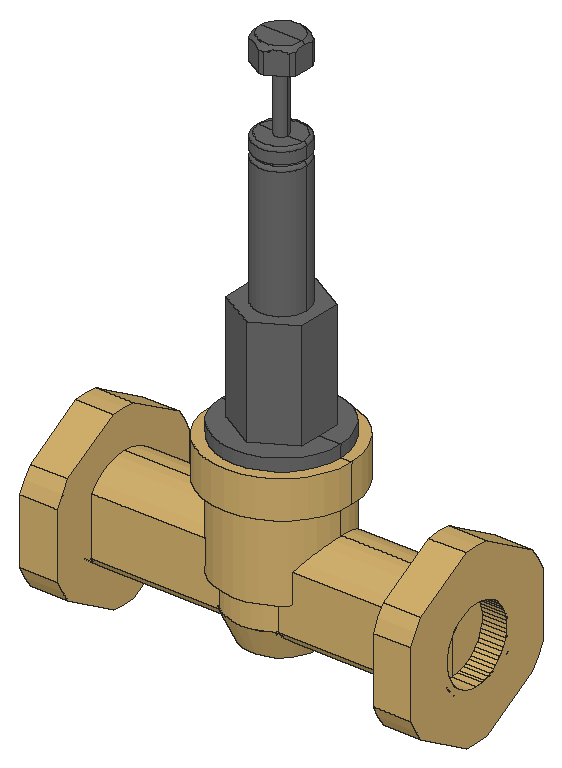
Revit family "Pressure_Reducing_Valves-Acorn-Controls-RV03B0-X_Series", category Pipe Accessories, Revit 2019
Family settings
  Round Connector Dimension = Use Diameter
  Part Type = Valve - Breaks Into
  OmniClass Number = 23.65.55.14.17
  OmniClass Title = Adjusting/Controlling Valves for Liquid Services
  Work Plane-Based = No
  Always vertical = Yes
  Cut with Voids When Loaded = No
  Shared = No
Parameters (values of type "RV03B0-2")
  cUPC Compliant = yes
  Valve Size 6 = no
  Valve Size 5 = no
  Valve Size 4 = no
  Valve Size 3 = no
  Valve Size 2 = yes
  Valve Size = if(Valve Size 2, 3/4", if(Valve Size 3, 1", if(Valve Size 4, 1 1/4", if(Valve Size 5, 1 1/2", 2"))))  # 3/4"
  URL = "https://www.acorneng.com/acorn-controls-tempering-valves"
  Temperature Rating = "180°F (82.2°C)"  # constant formula
  SH Steel HP - High Pressure Spring = no
  S0 Steel = no
  Revised Date = "02/04/2025"  # constant formula
  Product Page URL = "https://www.mgicontrols.com/rv03-pressure-reducing-valves"
  Product Documentation Link = "https://www.mgicontrols.com/uploads/fileLibrary/RV03%20PRV.pdf"
  Pressure Rating = "400 PSI (2758 kPa)"  # constant formula
  Pressure Gauge T Adapter with 1/4” Plug (No Gauge) = no
  Pressure Gauge 0 No Gauge Adapter = not(or([Pressure Gauge G Adapter With 0-200 psi Gauge], [Pressure Gauge T Adapter with 1/4” Plug (No Gauge)]))  # yes
  Pressure Gauge G Adapter With 0-200 psi Gauge = no
  PH Plastic HP - High Pressure Spring = no
  P0 Plastic = no
  Model = "RV03B0-2"
  Manufacturer = "Acorn"
  Installation Instruction Link = "https://www.mgicontrols.com/uploads/fileLibrary/7802-240-001%20RV03.pdf"
  IAPMO Compliance = "Comply with the national lead-free law, ASSE 1003 & NSF-61."  # constant formula
  Factory Preset = "50±5 PSI (345kPa)"  # constant formula
  E Dimension = if(Valve Size 2, 4 3/4", if(Valve Size 3, 5 1/2", if(Valve Size 4, 8 1/8", if(Valve Size 5, 8 1/8", 8 1/8"))))  # 4 3/4"
  Description = "Pressure Reducing Valves"  # constant formula
  D Dimension = if(Valve Size 2, 1 5/8", if(Valve Size 3, 1 7/8", if(Valve Size 4, 2 3/8", if(Valve Size 5, 2 7/8", 3 1/2"))))  # 1 5/8"
  D Constraint 2 = D Dimension + 3/4"  # 2 3/8"
  D Constraint = D Dimension + 1" / 8  # 1 3/4"
  Creation Date = "09/08/2022"  # constant formula
  Connection Outlet Description = if(Valve Size 2, "3/4-in Outlet Connection", if(Valve Size 3, "1-in Outlet Connection", if(Valve Size 4, "1 1/4-in Outlet Connection", if(Valve Size 5, "1 1/2-in Outlet Connection", "2-in Outlet Connection"))))  # "3/4-in Outlet Connection"
  Connection Inlet Description = if(Valve Size 2, "3/4-in Inlet Connection", if(Valve Size 3, "1-in Inlet Connection", if(Valve Size 4, "1 1/4-in Inlet Connection", if(Valve Size 5, "1 1/2-in Inlet Connection", "2-in Inlet Connection"))))  # "3/4-in Inlet Connection"
  Bonnet Material = Metal-Acorn-UV Resistant-Brass
  Body Material = Metal-Acorn-Brass
  BH Brass HP - High Pressure Spring = no
  B0 Brass = yes
  B Dimension = if(Adapter A Sweat, 1", if(Adapter B NPTF, 7/8", if([Adapter C PEX-B], 1", if(Adapter D CPVC, 7/8", if(Adapter E Press Fit, 1 1/4", if([Adapter F PEX-A], 1 5/8", 0"))))))  # 0"
  B Constraint = if(Adapter A Sweat, 1", if(Adapter B NPTF, 7/8", if([Adapter C PEX-B], 1", if(Adapter D CPVC, 7/8", if(Adapter E Press Fit, 1 1/4", if([Adapter F PEX-A], 1 5/8", 1/4"))))))  # 1/4"
  Assembly Code = "D2090900"
  Adjustable Pressure Range (Standard) = "10-75 PSI (69-517 kPa)"  # constant formula
  Adjustable Pressure Range (High Pressure) = "30-120 PSI (207-827 kPa)"  # constant formula
  Adapter F PEX-A = no
  Adapter E Press Fit = no
  Adapter D CPVC = no
  Adapter C PEX-B = no
  Adapter B NPTF = no
  Adapter A Sweat = no
  Adapter 0 None = not(or(Adapter A Sweat, Adapter B NPTF, [Adapter C PEX-B], Adapter D CPVC, Adapter E Press Fit, [Adapter F PEX-A]))  # yes
  A Dimension = if(Valve Size 2, 3 3/8", if(Valve Size 3, 3 7/8", if(Valve Size 4, 5", if(Valve Size 5, 5", 5"))))  # 3 3/8"
Types (6): name | Valve Size 6 | Valve Size 5 | Valve Size 4 | Valve Size 3 | Valve Size 2 | Valve Size | Model | E Dimension | D Dimension | D Constraint 2 | D Constraint | Connection Outlet Description | Connection Inlet Description | A Dimension
  (no name) | no | no | no | no | yes | 3/4" | "RV03B0-2" | 4 3/4" | 1 5/8" | 2 3/8" | 1 3/4" | "3/4-in Outlet Connection" | "3/4-in Inlet Connection" | 3 3/8"
  RV03B0-2 | no | no | no | no | yes | 3/4" | "RV03B0-2" | 4 3/4" | 1 5/8" | 2 3/8" | 1 3/4" | "3/4-in Outlet Connection" | "3/4-in Inlet Connection" | 3 3/8"
  RV03B0-3 | no | no | no | yes | no | 1" | "RV03B0-3" | 5 1/2" | 1 7/8" | 2 5/8" | 2" | "1-in Outlet Connection" | "1-in Inlet Connection" | 3 7/8"
  RV03B0-4 | no | no | yes | no | no | 1 1/4" | "RV03B0-4" | 8 1/8" | 2 3/8" | 3 1/8" | 2 1/2" | "1 1/4-in Outlet Connection" | "1 1/4-in Inlet Connection" | 5"
  RV03B0-5 | no | yes | no | no | no | 1 1/2" | "RV03B0-5" | 8 1/8" | 2 7/8" | 3 5/8" | 3" | "1 1/2-in Outlet Connection" | "1 1/2-in Inlet Connection" | 5"
  RV03B0-6 | yes | no | no | no | no | 2" | "RV03B0-6" | 8 1/8" | 3 1/2" | 4 1/4" | 3 5/8" | "2-in Outlet Connection" | "2-in Inlet Connection" | 5"
Reference planes (in)
  plane 1 "Center (Front/Back)": y = 0
  plane 2: z = 0
  plane 3 "Center (Left/Right)": x = 0
  plane 4: y = 0.8125
  plane 5: y = -0.8125
  plane 6: x = 1.6875
  plane 7: x = -1.6875
  plane 8: z = 4.75
  plane 9: z = 0.8125
  plane 10: z = -0.8125
  plane 11: x = -1.9375
  plane 12: z = 0.375
  plane 13: z = -0.375
  plane 14: x = 1.9375
  plane 15 "Screw": z = 4.5
  plane 16: y = -0.375
  plane 17: y = 0.375
  plane 18: z = 3.5625
  plane 19: z = 1.1875
  plane 20: z = 2.375
  plane 21: z = 3.5625
  plane 22: z = 1.1875
  plane 23: z = 2.375
  plane 24: x = -0.375
  plane 25: x = 0.375
  plane 26: x = -0.375
  plane 27: x = 0.375
Forms (in)
  Revolve 1, solid, material "Metal-Acorn-Brass" <- "Body Material"
    sketch origin (0, 0, 0) x (1, 0, 0) y (0, 0, 1)
      loop
        line (-1.6875, 0) -> (1.6875, 0) -> (1.6875, 0.5) -> (-1.6875, 0.5) -> (-1.6875, 0)
      axis (1.6875, 0) -> (-1.6875, 0)
    angle from 0 to 360
  Revolve 2, solid, material "Metal-Acorn-UV Resistant-Brass" <- "Bonnet Material"
    sketch origin (0, 0, 0) x (1, 0, 0) y (0, 0, 1)
      loop
        line (0, 4.75) -> (0, 2.375) -> (0.25, 2.375) -> (0.25, 3.65625)
        arc (0.25, 3.65625) -> (0.24085, 3.67835) -> (0.21875, 3.6875) r 0.03125
        line (0.21875, 3.6875) -> (0.125, 3.6875) -> (0.125, 3.72546) -> (0.25, 3.72546) -> (0.25, 3.83304)
        arc (0.25, 3.83304) -> (0.24085, 3.85514) -> (0.21875, 3.86429) r 0.03125
        line (0.21875, 3.86429) -> (0.06306, 3.86429) -> (0.06306, 4.5) -> (0.25, 4.5) -> (0.25, 4.70293) -> (0.20293, 4.75) -> (0, 4.75)
      loop
        line (0, 1.1875) -> (0.59102, 1.1875) -> (0.59102, 1.3075) -> (0, 1.3075) -> (0, 1.1875)
      axis (0, 1.1875) -> (0, 4.75)
    angle from 0 to 360
  Revolve 3, solid, material "Metal-Acorn-Brass" <- "Body Material", not visible
    sketch origin (0, 0, 0) x (1, 0, 0) y (0, 0, 1)
      loop
        line (-1.9375, 0.1875) -> (-1.9375, 0) -> (-1.5625, 0) -> (-1.5625, 0.1875) -> (-1.9375, 0.1875)
      loop
        line (1.9375, 0.1875) -> (1.5625, 0.1875) -> (1.5625, 0) -> (1.9375, 0) -> (1.9375, 0.1875)
      axis (1.9375, 0) -> (-1.9375, 0)
    angle from 0 to 360
  Revolve 4, solid, material "Metal-Acorn-Brass" <- "Body Material"
    sketch origin (0, 0, 0) x (1, 0, 0) y (0, 0, 1)
      loop
        line (-1.6875, 0.375) -> (-1.6875, 0.4375) -> (-1.9375, 0.4375) -> (-1.9375, 0.375) -> (-1.6875, 0.375)
      axis (-1.6875, 0) -> (-1.9375, 0)
    angle from 0 to 360
  Revolve 5, solid, material "Metal-Acorn-Brass" <- "Body Material"
    sketch origin (0, 0, 0) x (-1, 0, 0) y (0, 0, 1)
      loop
        line (-1.6875, 0.375) -> (-1.6875, 0.4375) -> (-1.9375, 0.4375) -> (-1.9375, 0.375) -> (-1.6875, 0.375)
      axis (-1.6875, 0) -> (-1.9375, 0)
    angle from 0 to 360
  Sweep 6, void
    path origin (0, 0, 0) x (1, 0, 0) y (0, 0, 1)
      loop
        line (0, 4.5) -> (0, 4.75)
    profile origin (0, 0, 4.625) x (-1, 0, 0) y (0, -1, 0)
      loop
        circle (0, 0) r 0.30626
      loop
        line (0, -0.26389) -> (0.22853, -0.13194) -> (0.22853, 0.13194) -> (0, 0.26389) -> (-0.22853, 0.13194) -> (-0.22853, -0.13194) -> (0, -0.26389)
  Extrusion 7, void
    sketch origin (0, 0, 0) x (0, 1, 0) y (0, 0, 1)
      loop
        line (-0.40596, -0.8125) -> (-0.40596, 0.8125) -> (-0.90596, 0.8125) -> (-0.90596, -0.8125) -> (-0.40596, -0.8125)
      loop
        line (0.40625, -0.8125) -> (0.90625, -0.8125) -> (0.90625, 0.8125) -> (0.40625, 0.8125) -> (0.40625, -0.8125)
    from 1.6875 to -1.6875
  Revolve 8, solid, material "Metal-Acorn-Brass" <- "Body Material"
    sketch origin (0, 0, 0) x (1, 0, 0) y (0, 0, 1)
      loop
        line (0.5, -0.29188) -> (0.5, 0) -> (0.59375, 0) -> (0.59375, 0.8125) -> (0.70312, 0.8125) -> (0.70312, 1.1875) -> (0, 1.1875) -> (0, -0.59375) -> (0.35924, -0.59375) -> (0.5, -0.29188)
      axis (0, 1.1875) -> (0, -0.59375)
    angle from 0 to 360
  Sweep 9, solid, material "Metal-Acorn-UV Resistant-Brass" <- "Bonnet Material"
    path origin (0, 0, 0) x (1, 0, 0) y (0, 0, 1)
      loop
        line (0, 1.1875) -> (0, 2.375)
    profile origin (0, 0, 1.78125) x (-1, 0, 0) y (0, -1, 0)
      loop
        line (0.375, 0.21651) -> (0, 0.43301) -> (-0.375, 0.21651) -> (-0.375, -0.21651) -> (0, -0.43301) -> (0.375, -0.21651) -> (0.375, 0.21651)
  Sweep 10, solid, material "Metal-Acorn-Brass" <- "Body Material"
    path origin (0, 0, 0) x (1, 0, 0) y (0, 0, 1)
      loop
        line (1.5625, 0) -> (1.9375, 0)
    profile origin (1.75, 0, 0) x (0, 0, 1) y (0, -1, 0)
      loop
        line (-0.93819, 0) -> (-0.4691, -0.8125) -> (0.4691, -0.8125) -> (0.93819, 0) -> (0.4691, 0.8125) -> (-0.4691, 0.8125) -> (-0.93819, 0)
      loop
        circle (0, 0) r 0.375
  Extrusion 11, void
    sketch origin (0, 0, 0) x (0, 1, 0) y (0, 0, 1)
      loop
        circle (0, 0) r 0.875
      loop
        circle (0, 0) r 1.1875
    from -1.9375 to -1.5625
  Sweep 12, solid, material "Metal-Acorn-Brass" <- "Body Material"
    path origin (0, 0, 0) x (1, 0, 0) y (0, 0, 1)
      loop
        line (-1.5625, 0) -> (-1.9375, 0)
    profile origin (-1.75, 0, 0) x (0, 0, -1) y (0, -1, 0)
      loop
        line (-0.93819, 0) -> (-0.4691, -0.8125) -> (0.4691, -0.8125) -> (0.93819, 0) -> (0.4691, 0.8125) -> (-0.4691, 0.8125) -> (-0.93819, 0)
      loop
        circle (0, 0) r 0.375
  Extrusion 13, void
    sketch origin (0, 0, 0) x (0, 1, 0) y (0, 0, -1)
      loop
        circle (0, 0) r 0.875
      loop
        circle (0, 0) r 1.1875
    from -1.5625 to -2.75
Cuts and joins
  Extrusion 7, Extrusion 11 cuts Revolve 1
  Extrusion 11 cuts Revolve 4
  Extrusion 11, Extrusion 13 cuts Sweep 10
  joined: Revolve 1, Revolve 4, Sweep 10
  Sweep 6, Extrusion 7 cuts Revolve 2
  joined: Revolve 2, Sweep 9
  Extrusion 11 cuts Revolve 8
  Extrusion 11 cuts Sweep 12
  Extrusion 11 cuts Revolve 3
Dimensions and locks (in)
  plane 4 to plane 5 = 1 5/8"
  equal spacing: plane 4, plane 1 "Center (Front/Back)", plane 5
  equal spacing: plane 7, plane 3 "Center (Left/Right)", plane 6
  "A Dimension": plane 7 to plane 6
  equal spacing: plane 5, plane 1 "Center (Front/Back)", plane 4
  "D Dimension": plane 5 to plane 4
  equal spacing: plane 9, level, plane 10
  "D Dimension": plane 9 to plane 10
  "B Constraint": plane 7 to plane 11
  equal spacing: plane 12, level, plane 13
  "Valve Size": plane 12 to plane 13
  "E Dimension": plane 8 to level
  locked: Revolve 1 sketch curve to plane 12 at 0.125
  Revolve 3 sketch curve to plane 7 to Revolve 3 sketch curve = 1/4" locked, 1/8" locked
  Revolve 3 sketch curve to plane 6 to Revolve 3 sketch curve = 1/4" locked, 1/8" locked
  "B Constraint": plane 14 to plane 6
  locked: Revolve 4 sketch curve to Revolve 4 sketch curve at 0.0625
  locked: Revolve 5 sketch curve to Revolve 5 sketch curve at 0.0625
  locked: plane 8 to plane 15 "Screw" at 0.25
  equal spacing: plane 16, plane 1 "Center (Front/Back)", plane 17
  "Valve Size": plane 16 to plane 17
  Extrusion 7 sketch curve to Extrusion 7 sketch curve to plane 16 = 1/2" locked, 0.03096" locked
  Extrusion 7 sketch curve to Extrusion 7 sketch curve to plane 17 = 1/2" locked, 1/32" locked
  equal spacing: plane 8, plane 18, plane 20, plane 19, level
  equal spacing: plane 8, plane 21, plane 23, plane 22, level
  equal spacing: plane 25, plane 3 "Center (Left/Right)", plane 24
  "Valve Size": plane 25 to plane 24
  Revolve 8 sketch curve to Revolve 8 sketch curve to Revolve 8 sketch curve to plane 25 = 7/64" locked, 3/32" locked, 1/8" locked
  equal spacing: plane 13, Revolve 8 sketch curve, plane 10
  locked: Revolve 8 sketch curve to Revolve 8 sketch curve at 0.375
  equal spacing: Sweep 9 sketch curve, plane 3 "Center (Left/Right)", Sweep 9 sketch curve
  "Valve Size": Sweep 9 sketch curve to Sweep 9 sketch curve  (x3)
  equal spacing: Sweep 9 sketch curve, profile plane, Sweep 9 sketch curve  (x2)
  Revolve 2 sketch curve to Revolve 2 sketch curve to Revolve 2 sketch curve = 1/32" locked, 0" locked
  equal spacing: Revolve 2 sketch curve, Revolve 2 sketch curve, Revolve 2 sketch curve
  equal spacing: plane 27, plane 3 "Center (Left/Right)", plane 26
  "Valve Size": plane 26 to plane 27
  locked: plane 27 to Revolve 2 sketch curve at 0.125
  Revolve 2 sketch curve to Revolve 2 sketch curve to Revolve 2 sketch curve to Revolve 2 sketch curve to plane 3 "Center (Left/Right)" = 0" locked, 0.04707" locked, 0.13987" locked, 0.06306" locked
  locked: Revolve 2 sketch curve to plane 19 at 0.12
  locked: Revolve 8 to Revolve 2 sketch curve at 0.1121
  equal spacing: Sweep 10 sketch curve, plane 1 "Center (Front/Back)", Sweep 10 sketch curve  (x3)
  "D Dimension": Sweep 10 sketch curve to Sweep 10 sketch curve  (x3)
  locked: Revolve 3 sketch curve to level at 0.1875
  "D Dimension": Sweep 12 sketch curve to Sweep 12 sketch curve  (x3)
  Sweep 10 sketch curve to plane 6 to Sweep 10 sketch curve = 1/4" locked, 1/8" locked
  Sweep 12 sketch curve to plane 7 to Sweep 12 sketch curve = 1/4" locked, 1/8" locked
  equal spacing: Sweep 12 sketch curve, plane 1 "Center (Front/Back)", Sweep 12 sketch curve  (x3)
  "D Constraint": diameter of Extrusion 11 sketch curve
  "D Constraint 2": diameter of Extrusion 11 sketch curve
  "D Constraint": diameter of Extrusion 13 sketch curve
  "D Constraint 2": diameter of Extrusion 13 sketch curve
  "Valve Size": diameter of Sweep 10 sketch curve
  "Valve Size": diameter of Sweep 12 sketch curve
  locked: Revolve 8 sketch curve to plane 3 "Center (Left/Right)" (angle 25.00°)
  locked: Sweep 9 sketch curve to Sweep 9 sketch curve (angle 120.00°)  (x5)
  angle Sweep 9 sketch curve to Sweep 9 sketch curve = 120.00°
  locked: Sweep 10 sketch curve to Sweep 10 sketch curve (angle 120.00°)  (x5)
  angle Sweep 10 sketch curve to Sweep 10 sketch curve = 120.00°
  locked: Sweep 12 sketch curve to Sweep 12 sketch curve (angle 120.00°)  (x5)
  angle Sweep 12 sketch curve to Sweep 12 sketch curve = 120.00°
  aligned and locked: level to Revolve 1 sketch curve
  aligned and locked: Revolve 1 sketch curve to plane 6
  aligned and locked: Revolve 1 sketch curve to plane 7
  aligned and locked: level to Revolve 3 sketch curve  (x2)
  aligned and locked: plane 11 to Revolve 4 sketch curve
  aligned and locked: level to Revolve 4 sketch curve
  aligned and locked: Revolve 5 sketch curve to plane 14
  aligned and locked: Revolve 5 sketch curve to plane 12
  aligned and locked: Revolve 5 sketch curve to level
  aligned and locked: plane 7 to Revolve 4 sketch curve
  aligned and locked: Revolve 5 sketch curve to plane 6
  aligned and locked: plane 15 "Screw" to Revolve 2 sketch curve
  aligned and locked: plane 8 to Sweep 6 sketch curve
  aligned and locked: plane 15 "Screw" to Sweep 6 sketch curve
  aligned and locked: Extrusion 7 sketch curve to plane 10
  aligned and locked: plane 10 to Extrusion 7 sketch curve
  aligned and locked: Extrusion 7 sketch curve to Extrusion 7 sketch curve
  aligned and locked: Extrusion 7 sketch curve to plane 9
  aligned and locked: plane 7 to cut or joined group of Revolve 1, Revolve 4, Extrusion 7, Sweep 10, Extrusion 11, Extrusion 13
  aligned and locked: plane 6 to cut or joined group of Revolve 1, Revolve 4, Extrusion 7, Sweep 10, Extrusion 11, Extrusion 13
  aligned and locked: plane 20 to Revolve 2 sketch curve
  aligned and locked: plane 3 "Center (Left/Right)" to Revolve 2 sketch curve
  aligned and locked: Revolve 2 sketch curve to Revolve 2 sketch curve
  aligned and locked: Revolve 8 sketch curve to plane 3 "Center (Left/Right)"  (x2)
  aligned and locked: Revolve 8 sketch curve to plane 22
  aligned and locked: level to Revolve 8 sketch curve
  aligned and locked: cut or joined group of Revolve 2, Sweep 6, Extrusion 7, Sweep 9 to Sweep 9 sketch curve
  aligned and locked: Revolve 8 to Sweep 9 sketch curve
  aligned and locked: Revolve 2 sketch curve to plane 3 "Center (Left/Right)"
  aligned and locked: Revolve 2 sketch curve to plane 19
  aligned and locked: Revolve 3 sketch curve to level
  aligned and locked: Revolve 3 sketch curve to Revolve 3 sketch curve
  aligned and locked: Extrusion 11 to Revolve 3  (x2)
Automatic sketch dimensions
  Revolve 1 sketch curve to level = 0"
  Revolve 1 sketch curve to plane 11 = 1 3/8"
  Revolve 1 sketch curve to plane 14 = 2 1/4"
  Revolve 2 sketch curve to plane 3 "Center (Left/Right)" = 0"
  Revolve 2 sketch curve to plane 8 = 0"
  plane 18 to Revolve 2 sketch curve = 3/32"
  Revolve 2 sketch curve to Revolve 2 sketch curve = 0.03796"
  Revolve 2 sketch curve to Revolve 2 sketch curve = 0.10759"
  Revolve 2 sketch curve to plane 8 = 0.04707"
  Revolve 2 sketch curve to Revolve 2 sketch curve = 1 1/4"
  Revolve 2 sketch curve to Revolve 2 sketch curve = 1/2"
  plane 11 to Revolve 3 sketch curve = 0.03271"
  Revolve 3 sketch curve to plane 11 = 0.21729"
  Revolve 4 sketch curve to plane 12 = 0"
  Revolve 4 sketch curve to plane 11 = 1.63005"
  Revolve 4 sketch curve to Revolve 4 sketch curve = 1"
  plane 14 to Revolve 5 sketch curve = 1.63005"
  Revolve 5 sketch curve to Revolve 5 sketch curve = 1"
  Sweep 6 sketch curve to plane 3 "Center (Left/Right)" = 0"
  Sweep 6 sketch curve to profile plane = 0"  (x3)
  plane 1 "Center (Front/Back)" to Sweep 6 sketch curve = 0"
  profile plane to Sweep 6 sketch curve = 0.22853"
  Sweep 6 sketch curve to profile plane = 0.22853"
  Sweep 6 sketch curve to plane 1 "Center (Front/Back)" = 0.13194"  (x2)
  Sweep 6 sketch curve to Sweep 6 sketch curve = 0.13194"  (x2)
  plane 1 "Center (Front/Back)" to Sweep 6 sketch curve = 0.13194"  (x2)
  Revolve 8 sketch curve to plane 25 = 0.01576"
  plane 8 to Revolve 8 sketch curve = 1.17697"
  Revolve 8 sketch curve to Revolve 8 sketch curve = 1/4"
  Sweep 9 sketch curve to plane 3 "Center (Left/Right)" = 0"
  Sweep 10 sketch curve to level = 0"
  Extrusion 11 sketch curve to Extrusion 11 sketch curve = 0"  (x2)
  Extrusion 11 sketch curve to level = 0"
  Extrusion 11 sketch curve to plane 1 "Center (Front/Back)" = 0"
  Sweep 12 sketch curve to level = 0"
  Extrusion 13 sketch curve to Extrusion 13 sketch curve = 0"  (x2)
  Extrusion 13 sketch curve to level = 0"
  Extrusion 13 sketch curve to plane 1 "Center (Front/Back)" = 0"
  Sweep 10 sketch curve to plane 1 "Center (Front/Back)" = 0"
  profile plane to Sweep 10 sketch curve = 0"
  Sweep 12 sketch curve to plane 1 "Center (Front/Back)" = 0"
  Sweep 12 sketch curve to profile plane = 0"
  radius of Sweep 6 sketch curve = 0.30626"
Connectors (in)
  piping at (-1.9375, 0, 0), diameter 0.75, driven by "Valve Size", driven by "Connection Outlet Description"
    settings: on cut or joined group of Revolve 1, Revolve 4, Extrusion 7, Sweep 10, Extrusion 11, Extrusion 13, index 1, connector inside diameter 24", connector length 0", flow factor 0, pipe flow 0 GPM, pressure drop 0.00 psi, fitting loss kfactor 0, connector angle 0.00°, fixture units 0, engagement length 0", angle of deflection 0.00°, flow configuration 0, flow direction 2, fitting loss method 0, system type 29, joint type 0, gender type 0, connector reference index -1, connector utility 0, adjustable connector no, is connector primary yes, connector description "3/4-in Outlet Connection"
  piping at (1.9375, 0, 0), diameter 0.75, driven by "Valve Size", driven by "Connection Inlet Description"
    settings: on Revolve 5, index 2, connector inside diameter 24", connector length 0", flow factor 0, pipe flow 0 GPM, pressure drop 0.00 psi, fitting loss kfactor 0, connector angle 0.00°, fixture units 0, engagement length 0", angle of deflection 0.00°, flow configuration 0, flow direction 1, fitting loss method 0, system type 29, joint type 0, gender type 0, connector reference index -1, connector utility 0, adjustable connector no, is connector primary no, connector description "3/4-in Inlet Connection"
